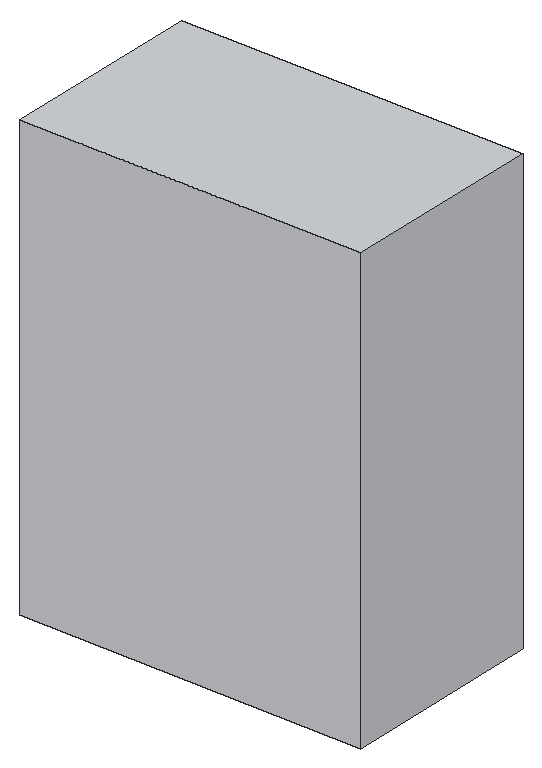
Revit family
Parameters
  Warranty Duration (Years) = 0
  Unit Width [instance] = 3' - 0"
  Unit Height [instance] = 0' - 9 99/256"
  Unit Depth = 0' - 0"
  URL = "http://www.americanspecialties.com/viewCategories.cfm"
  Trim Material = Metal - Stainless Steel w/satin
  Test Data = ""
  Specification = "http://www.arcat.com/sdspecs/htm/10810asi.htm"
  SpecWizard = ""
  Send Message = "http://www.arcat.com/users.pl?action=UserEmail&company=American%20Specialties,%20Inc.&coid=30448&rep=139&fax=914-476-0688&mf="
  Sales Information = "http://www.americanspecialties.com/contact"
  Revision = "R1_10-2010"
  Product Properties = "http://www.americanspecialties.com/datasheets/1653.pdf"
  Product Data = "http://www.arcat.com/arcatcos/cos30/arc30448.html"
  Model = "As Specified in 10 28 13"
  Manufacturer Website = "http://www.americanspecialties.com/viewCategories.cfm"
  Manufacturer Phone - Toll Free = ""
  Manufacturer Phone = "914-476-9000 "
  Manufacturer Fax = "914-476-0688"
  Manufacturer Address = "441 Saw Mill River Rd., Yonkers, NY 10701"
  Manufacturer = "American Specialties, Inc."
  Maintenance Schedule (Months) = 0
  Keynote = "10 28 13"
  Installation-Fabrication = "http://www.americanspecialties.com/products.cfm"
  Green Building-LEED = ""
  Expected Lifespan (Years) = 0
  Drawn By = "Robert S. Weygant. CSI, CDT, SCIP"  # constant formula
  Description = "Toilet Accessory as Specified in 10 28 13"
  Default Elevation = 4' - 0"
  Copyright = "©Arcat Inc."
  Construction Details = "http://www.arcat.com/green/clients/leed_data_30448.html"
  Building Codes = "http://www.americanspecialties.com/products.cfm"
  Body Material = Metal - Stainless Steel w/satin
  Assembly Code = "C1030210"
Reference planes (in)
  plane 1 "Center (Front/Back)": y = -0.29112
  plane 2 "Floor Line": z = 0
  plane 3 "Center (Left/Right)": x = -0.65843
  plane 4: z = 52.69336
  plane 5: x = -18.65843
  plane 6: x = 17.34157
  plane 7: z = 48
  plane 8: z = 57.38672
Forms (in)
  Extrusion 1, solid
    sketch origin (-3, -9, -6) x (0, 0, -1) y (1, 0, 0)
      loop
        line (-82, 31.34157) -> (-82, -26.99487) -> (-6, -26.99487) -> (-6, 31.34157) -> (-82, 31.34157)
    from 9 to -25.60721
  Extrusion 2, solid, material "Metal - Stainless Steel w/satin" <- "Body Material"
    sketch origin (0, 0, 0) x (1, 0, 0) y (0, 1, 0)
      loop
        circle (-18.65843, -0.29112) r 1.5
      loop
        circle (17.34157, -0.29112) r 1.5
      loop
        circle (-18.08812, 0.69669) r 0.125
      loop
        circle (-19.79906, -0.29112) r 0.125
      loop
        circle (-18.08812, -1.27893) r 0.125
      loop
        circle (16.77125, 0.69669) r 0.125
      loop
        circle (18.48219, -0.29112) r 0.125
      loop
        circle (16.77125, -1.27893) r 0.125
    from 0 to 0.25
  Sweep 3, solid, material "Metal - Stainless Steel w/satin" <- "Body Material"
    path origin (0, -0.29112, 0) x (1, 0, 0) y (0, 0, 1)
      loop
        line (-18.65843, 0.25) -> (-18.65843, 0.75)
        arc (-18.65843, 0.75) -> (-18.21909, 1.81066) -> (-17.15843, 2.25) r 1.5
        line (-17.15843, 2.25) -> (15.84157, 2.25)
        arc (15.84157, 2.25) -> (16.90223, 1.81066) -> (17.34157, 0.75) r 1.5
        line (17.34157, 0.75) -> (17.34157, 0.25)
    profile origin (-18.65843, -0.29112, 0.5) x (-1, 0, 0) y (0, -1, 0)
      loop
        circle (0, 0) r 0.75
  Extrusion 4, solid, material "Metal - Stainless Steel w/satin" <- "Body Material"
    sketch origin (0, 0, 0) x (1, 0, 0) y (0, 1, 0)
      loop
        line (-18.67555, -1.10362) -> (17.35868, -1.10362) -> (17.35868, -1.04112) -> (-18.67555, -1.04112) -> (-18.67555, -1.10362)
    from 0.25 to 2.26533
  Extrusion 5, void
    sketch origin (0, -0.29112, 0) x (1, 0, 0) y (0, 0, 1)
      loop
        line (-18.65843, 0.25) -> (-18.65843, 0.75)
        arc (-18.65843, 0.75) -> (-18.21909, 1.81066) -> (-17.15843, 2.25) r 1.5
        line (-17.15843, 2.25) -> (15.84157, 2.25)
        arc (15.84157, 2.25) -> (16.90223, 1.81066) -> (17.34157, 0.75) r 1.5
        line (17.34157, 0.75) -> (17.34157, 0.25) -> (19.09157, 0.25) -> (19.09157, 4) -> (-20.65843, 4) -> (-20.65843, 0.25) -> (-18.65843, 0.25)
    from 0 to 3.25636
Cuts and joins
  Extrusion 5 cuts Extrusion 2
  Extrusion 5 cuts Extrusion 4
Dimensions and locks (in)
  equal spacing: plane 8, plane 4, plane 7
  equal spacing: plane 6, plane 3 "Center (Left/Right)", plane 5
  "Unit Width": plane 6 to plane 5
  "Unit Height": plane 8 to plane 7
  "Default Elevation": plane 7 to plane 2 "Floor Line"
  aligned and locked: Extrusion 1 to level
  aligned and locked: Extrusion 4 to Extrusion 2
Automatic sketch dimensions
  Extrusion 1 sketch curve to Extrusion 1 sketch curve = 6' - 4"
  Extrusion 1 sketch curve to Extrusion 1 sketch curve = 4' - 10.33643"
  Extrusion 2 sketch curve to plane 1 "Center (Front/Back)" = 0' - 0"  (x4)
  Extrusion 2 sketch curve to plane 5 = 0' - 0"
  Extrusion 2 sketch curve to plane 6 = 0' - 0"
  Extrusion 2 sketch curve to Extrusion 2 sketch curve = 0' - 1 9/64"
  plane 5 to Extrusion 2 sketch curve = 0' - 0 73/128"  (x2)
  Extrusion 2 sketch curve to plane 6 = 0' - 0 73/128"  (x2)
  plane 6 to Extrusion 2 sketch curve = 0' - 1 9/64"
  plane 1 "Center (Front/Back)" to Extrusion 2 sketch curve = 0' - 0.98781"  (x2)
  Extrusion 2 sketch curve to plane 1 "Center (Front/Back)" = 0' - 0.98781"  (x2)
  Sweep 3 sketch curve to plane 5 = 0' - 0"
  Sweep 3 sketch curve to plane 6 = 0' - 0"
  plane 5 to Sweep 3 sketch curve = 0' - 1 1/2"
  level to Sweep 3 sketch curve = 0' - 0 3/4"
  Sweep 3 sketch curve to plane 6 = 0' - 1 1/2"
  level to Sweep 3 sketch curve = 0' - 0 1/4"  (x2)
  Sweep 3 sketch curve to plane 1 "Center (Front/Back)" = 0' - 0"
  Sweep 3 sketch curve to profile plane = 0' - 0"
  Extrusion 4 sketch curve to plane 5 = 0' - 0.01712"
  plane 6 to Extrusion 4 sketch curve = 0' - 0.01712"
  plane 1 "Center (Front/Back)" to Extrusion 4 sketch curve = 0' - 0 13/16"
  Extrusion 4 sketch curve to Extrusion 4 sketch curve = 0' - 0 1/16"
  Extrusion 5 sketch curve to plane 5 = 0' - 0"
  Extrusion 5 sketch curve to plane 6 = 0' - 0"
  Extrusion 5 sketch curve to plane 5 = 0' - 2"
  level to Extrusion 5 sketch curve = 0' - 0 3/4"
  Extrusion 5 sketch curve to Extrusion 5 sketch curve = 0' - 1 1/2"
  Extrusion 5 sketch curve to plane 6 = 0' - 1 1/2"
  level to Extrusion 5 sketch curve = 0' - 0 1/4"  (x2)
  Extrusion 5 sketch curve to Extrusion 5 sketch curve = 0' - 1 3/4"
  Extrusion 5 sketch curve to Extrusion 5 sketch curve = 0' - 3 1/4"
  radius of Extrusion 2 sketch curve = 0' - 1 1/2"  (x2)
  radius of Extrusion 2 sketch curve = 0' - 0 1/8"  (x6)
  radius of Sweep 3 sketch curve = 0' - 0 3/4"
